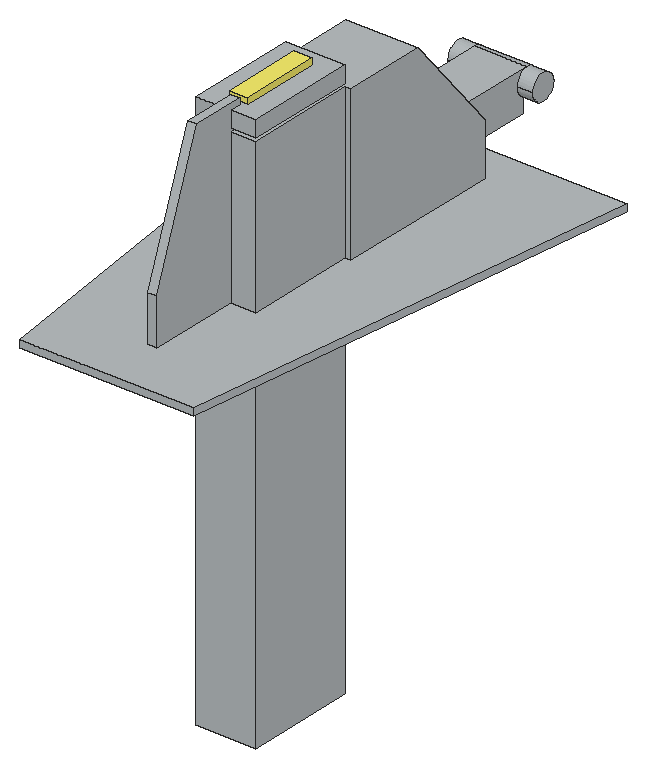
Revit family "Safety_Truck-Restraint_Nova-Tech_TruckLock350-Flange", category Generic Models, host Face, Revit 2026
Family settings
  Host = Face
  Can host rebar = No
  Round Connector Dimension = Use Diameter
  Part Type = Normal
  Classification Number = 23.50.70.27
  Cut with Voids When Loaded = No
  Maintain Annotation Orientation = No
  Shared = No
  Room Calculation Point = No
Parameters
  Warranty Duration (Years) = 0
  Unit Width = 1' - 3 59/64"
  Unit Height = 0' - 10"
  Unit Depth = 2' - 1 5/128"
  URL = "http://www.novalocks.com/"
  Test Data = ""
  Specification = "http://arcat.com/arcatcos/cos43/arc43493.html?isac=1&r=2"
  SpecWizard = ""
  Send Message = "http://www.arcat.com/users.pl?action=UserEmail&company=Nova+Technology&coid=43493&rep=132&fax=262-502-1511&mf="
  Sales Information = "http://www.novalocks.com/general-contact-info/"
  Revision = "R1_4_2013"
  Restraint [instance] = Metal - Nova - Yellow
  Product Properties = ""
  Product Data = "http://arcat.com/arcatcos/cos43/arc43493.html?isac=1&r=2"
  Model = "As Specified"
  Manufacturer Website = "http://www.novalocks.com/"
  Manufacturer Phone - Toll Free = "800-236-7325"
  Manufacturer Phone = "262-502-1591"
  Manufacturer Fax = "262-502-1511"
  Manufacturer Address = "N90 W14507 Commerce Dr. Menomonee Falls, WI 53051"
  Manufacturer = "Nova Technology"
  Maintenance Schedule (Months) = 0
  Keynote = "11160"
  Installation-Fabrication = ""
  Installation Phase = ""
  Green Building-LEED = ""
  Fixture Material = Metal - Nova - Zinc Coated Steel
  Expected Lifespan (Years) = 0
  Drawn By = "Sumex Design, Inc. / Robert S. Weygant, CSI, CDT, SCIP"
  Dock Bumper Thickness [instance] = 0' - 4"
  Description = "Nova Technology Dock Product as Specified"
  Default Elevation = 4' - 0"
  Crack Free Zone Diameter [instance] = 1' - 8"
  Core Depth = 2' - 0"
  Copyright = "©Arcat Inc."
  Construction Details = ""
  Building Codes = ""
  Assembly Code = "E1030300"
Reference planes (in)
  plane 1 "Center (Front/Back)": y = 10.76898
  plane 2: z = 0
  plane 3 "Center (Left/Right)": x = 0
  plane 4: y = 8.44898
  plane 5: y = 12.76898
  plane 6: x = -10
  plane 7: x = 10
  plane 8 "Dock Bumper Face": y = 22.76898
  plane 9 "Dock Wall": y = 26.76898
  plane 10: z = -24
Forms (in)
  Extrusion 1, void
    sketch origin (0, 0, 0) x (1, 0, 0) y (0, 1, 0)
      loop
        circle (0, 10.76898) r 5
    from 0 to -24
  Extrusion 2, solid, material "Metal - Nova - Zinc Coated Steel" <- "Fixture Material"
    sketch origin (0, 2.55, 0) x (1, 0, 0) y (0, 1, 0)
      loop
        line (-7.96, 22.04898) -> (-4.68, -2.99102) -> (4.68, -2.99102) -> (7.96, 22.04898) -> (-7.96, 22.04898)
    from 0 to 0.39844
  Extrusion 3, solid, material "Metal - Nova - Zinc Coated Steel" <- "Fixture Material"
    sketch origin (0, 2.55, 0) x (0, 1, 0) y (0, 0, 1)
      loop
        line (0.04898, 0.39844) -> (5.64898, 0.39844) -> (5.64898, 9.99844) -> (2.77398, 9.99844) -> (0.04898, 2.89844) -> (0.04898, 0.39844)
    from 0.25 to -0.25
  Extrusion 4, solid, material "Metal - Nova - Yellow" <- "Restraint"
    sketch origin (0, 2.55, 0) x (0, 1, 0) y (0, 0, 1)
      loop
        line (5.89898, 9.99844) -> (5.89898, -20.99449) -> (10.21898, -20.99449) -> (10.21898, 9.99844) -> (5.89898, 9.99844)
    from -0.48047 to 0.48047
  Extrusion 5, solid, material "Metal - Nova - Zinc Coated Steel" <- "Fixture Material"
    sketch origin (0, 0, 0) x (0, 1, 0) y (0, 0, 1)
      loop
        line (7.57398, -20.63156) -> (13.57398, -20.63156) -> (13.57398, 8.64844) -> (7.57398, 8.64844) -> (7.57398, -20.63156)
    from 1.60156 to -1.60156
  Extrusion 6, solid, material "Metal - Nova - Zinc Coated Steel" <- "Fixture Material"
    sketch origin (0, 0, 0) x (1, 0, 0) y (0, 1, 0)
      loop
        line (-1.60156, 13.57398) -> (-1.60156, 7.57398) -> (1.60156, 7.57398) -> (1.60156, 13.57398) -> (-1.60156, 13.57398)
    from 8.81543 to 9.69043
  Extrusion 7, solid, material "Metal - Nova - Zinc Coated Steel" <- "Fixture Material"
    sketch origin (0, 0, 0) x (0, 1, 0) y (0, 0, 1)
      loop
        line (13.57398, 0.39844) -> (22.57398, 0.39844) -> (22.57398, 3.19844) -> (18.07398, 8.64844) -> (13.57398, 8.64844) -> (13.57398, 0.39844)
    from -1.92156 to 1.92156
  Extrusion 8, solid, material "Metal - Nova - Zinc Coated Steel" <- "Fixture Material"
    sketch origin (0, 0, 0) x (0, 1, 0) y (0, 0, 1)
      loop
        circle (26.08148, 3.39094) r 0.6875
    from -2.28125 to 2.28125
  Extrusion 9, solid, material "Metal - Nova - Zinc Coated Steel" <- "Fixture Material"
    sketch origin (0, 0, 0) x (0, 1, 0) y (0, 0, 1)
      loop
        line (26.08148, 4.07844) -> (10.76898, 4.07844) -> (10.76898, 1.91844) -> (25.83148, 1.91844) -> (25.83148, 3.89483)
        arc (25.83148, 3.89483) -> (26.18793, 3.94327) -> (26.50085, 3.76582) r 0.5625
        line (26.50085, 3.76582) -> (26.50085, 3.06085) -> (26.62585, 3.06085) -> (26.62585, 3.81085)
        arc (26.62585, 3.81085) -> (26.38477, 4.00792) -> (26.08148, 4.07844) r 0.6875
    from -1.40632 to 1.40625
Cuts and joins
  joined: Extrusion 2, Extrusion 3, Extrusion 5, Extrusion 6, Extrusion 7, Extrusion 8, Extrusion 9
Lines and regions (in)
  symbolic lines, style "GenericModelHiddenLines"
    curve 1: arc (-10, 10.76898, 0) -> (0, 0.76898, 0) -> (10, 10.76898, 0) r 10
    curve 2: line (10, 10.76898, 0) -> (10, 26.76898, 0)
    curve 3: line (10, 26.76898, 0) -> (-10, 26.76898, 0)
    curve 4: line (-10, 26.76898, 0) -> (-10, 10.76898, 0)
Dimensions and locks (in)
  equal spacing: plane 6, plane 3 "Center (Left/Right)", plane 7
  "Crack Free Zone Diameter": plane 6 to plane 7
  locked: plane 8 "Dock Bumper Face" to plane 1 "Center (Front/Back)" at 12
  locked: plane 8 "Dock Bumper Face" to plane 5 at 10
  locked: plane 5 to plane 4 at 4.32
  "Dock Bumper Thickness": plane 9 "Dock Wall" to plane 8 "Dock Bumper Face"
  "Core Depth": level to plane 10
  Extrusion 2 sketch curve to plane 3 "Center (Left/Right)" to Extrusion 2 sketch curve = 0' - 7.96" locked, 0' - 7.96" locked
  Extrusion 2 sketch curve to plane 3 "Center (Left/Right)" to Extrusion 2 sketch curve = 0' - 4.68" locked, 0' - 4.68" locked
  Extrusion 5 sketch curve to plane 1 "Center (Front/Back)" to Extrusion 5 sketch curve = 0' - 3.195" locked, 0' - 2.805" locked
  locked: Extrusion 8 sketch curve to plane 9 "Dock Wall" at 0.6875
  Extrusion 9 sketch curve to Extrusion 9 sketch curve to Extrusion 9 sketch curve to plane 9 "Dock Wall" = 0' - 0.66936" locked, 0' - 0 1/8" locked, 0' - 0.14314" locked
  aligned and locked: plane 2 to host face
  aligned and locked: level to host face
  aligned and locked: plane 9 "Dock Wall" to curve 3
  aligned and locked: plane 7 to curve 2
  aligned and locked: curve 4 to plane 6
  aligned and locked: Extrusion 1 to plane 10
  aligned and locked: level to Extrusion 1
  aligned and locked: Extrusion 9 sketch curve to plane 1 "Center (Front/Back)"
Automatic sketch dimensions
  host sketch curve to host sketch curve = 8' - 0"  (x2)
  Extrusion 1 sketch curve to plane 1 "Center (Front/Back)" = 0' - 0"
  Extrusion 1 sketch curve to plane 3 "Center (Left/Right)" = 0' - 0"
  plane 8 "Dock Bumper Face" to Extrusion 2 sketch curve = 0' - 1.83"
  Extrusion 2 sketch curve to plane 4 = 0' - 8.89"
  level to Extrusion 3 sketch curve = 0' - 2 115/128"
  Extrusion 3 sketch curve to plane 4 = 0' - 3 1/8"
  Extrusion 3 sketch curve to plane 4 = 0' - 0 1/4"
  level to Extrusion 3 sketch curve = 0' - 0 51/128"
  Extrusion 3 sketch curve to Extrusion 3 sketch curve = 0' - 5.6"
  Extrusion 4 sketch curve to plane 1 "Center (Front/Back)" = 0' - 2"
  plane 10 to Extrusion 4 sketch curve = 0' - 3.00551"
  Extrusion 4 sketch curve to plane 4 = 0' - 0"
  plane 10 to Extrusion 5 sketch curve = 0' - 3.36844"
  Extrusion 6 sketch curve to plane 3 "Center (Left/Right)" = 0' - 1 77/128"
  plane 3 "Center (Left/Right)" to Extrusion 6 sketch curve = 0' - 1 77/128"
  Extrusion 6 sketch curve to plane 4 = 0' - 0 7/8"
  plane 5 to Extrusion 6 sketch curve = 0' - 0.805"
  level to Extrusion 7 sketch curve = 0' - 0 51/128"
  plane 5 to Extrusion 7 sketch curve = 0' - 0.805"
  Extrusion 7 sketch curve to Extrusion 7 sketch curve = 0' - 4 1/2"
  Extrusion 7 sketch curve to plane 8 "Dock Bumper Face" = 0' - 0.195"
  Extrusion 7 sketch curve to Extrusion 7 sketch curve = 0' - 2.8"
  curve 1 to plane 1 "Center (Front/Back)" = 0' - 0"
  level to Extrusion 8 sketch curve = 0' - 3.39094"
  Extrusion 9 sketch curve to Extrusion 9 sketch curve = 0' - 0 1/4"
  level to Extrusion 9 sketch curve = 0' - 1.91844"
  Extrusion 9 sketch curve to Extrusion 9 sketch curve = 0' - 0.04502"
  Extrusion 9 sketch curve to Extrusion 9 sketch curve = 0' - 0.33009"
  Extrusion 9 sketch curve to Extrusion 9 sketch curve = 0' - 0"  (x2)
  Extrusion 9 sketch curve to Extrusion 9 sketch curve = 0' - 1.14241"
  Extrusion 9 sketch curve to Extrusion 9 sketch curve = 0' - 0.37489"
  Extrusion 3 sketch curve to Extrusion 3 sketch curve = 0' - 7.1"
  level to Extrusion 4 sketch curve = 0' - 9.99844"
  level to Extrusion 5 sketch curve = 0' - 8 83/128"
  Extrusion 7 sketch curve to Extrusion 7 sketch curve = 0' - 5.45"
  radius of Extrusion 1 sketch curve = 0' - 5"
  radius of Extrusion 8 sketch curve = 0' - 0 11/16"
